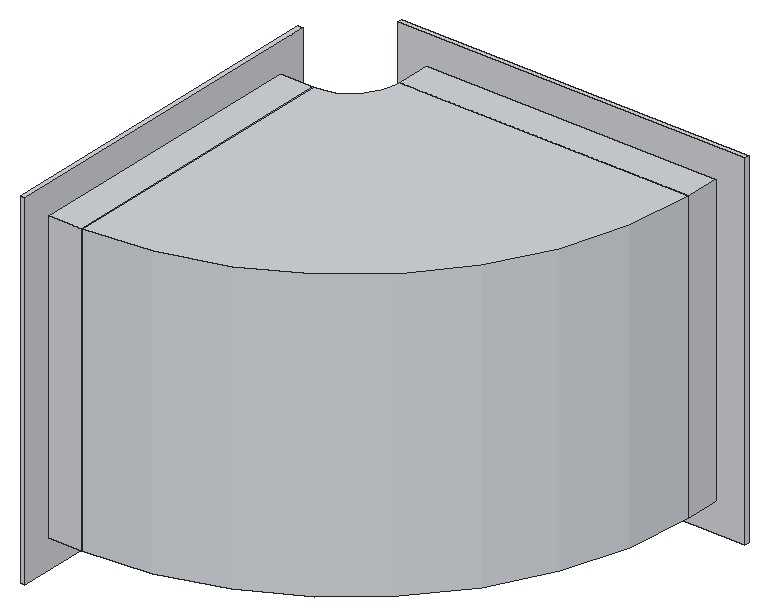
Revit family "RE Bogen BS - Flansch", category Luftkanalformteile, Revit 2014
Parameters (values of type "Allgemein")
  r1 [instance] = if(r = 0 mm, 1 mm, r)  # 50 mm
  f2 [instance] = 35 mm  # constant formula
  f1 [instance] = if(f = 0 mm, f2, f)  # 35 mm
  f [instance] = 0 mm
  e2 [instance] = 35 mm  # constant formula
  e1 [instance] = if(e = 0 mm, e2, e)  # 35 mm
  e [instance] = 0 mm
  alpha [instance] = 90.00°
  Max. ab [instance] = if(a > b, a, b)  # 300 mm
  Länge 1 [instance] = Bogenradius * tan(alpha / 2)  # 200 mm
  a [instance] = 300 mm
  b [instance] = 300 mm
  r [instance] = 50 mm
  Flansch b [instance] = b + 2 * Flanschverlängerung  # 360 mm
  Flansch a [instance] = a + 2 * Flanschverlängerung  # 360 mm
  Flanschstärke [instance] = 5 mm
  Flanschverlängerung [instance] = 30 mm
  Bogenradius [instance] = r1 + b / 2  # 200 mm
Reference planes
  plane 1 "Mitte (vorne/hinten)": y = 0
  plane 2: z = 0
  plane 3 "Mitte (links/rechts)": x = 0
  plane 4: x = -200
  plane 5: y = 200
  plane 6: x = -235
  plane 7: x = -240
  plane 8: y = 180
  plane 9: y = -180
Forms (mm)
  Sweep 1, solid, detail levels medium+fine
    path in 3D
      loop
        arc (-200, 0, 0) -> (-58.579, 58.579, 0) -> (0, 200, 0) r 200
    profile "Luftkanal - rechteckig : Luftkanal - rechteckig" origin (-58.579, 58.579, 0) x (-0.707107, 0.707107, 0) y (0, 0, 1)
      loop
        line (-150, 150) -> (-150, -150) -> (150, -150) -> (150, 150) -> (-150, 150)
  Sweep 2, solid, detail levels medium+fine
    path in 3D
      loop
        line (0, 200, 0) -> (0, 235, 0)
    profile "Luftkanal - rechteckig : Luftkanal - rechteckig" origin (0, 217.5, 0) x (-1, 0, 0) y (0, 0, 1)
      loop
        line (-150, 150) -> (-150, -150) -> (150, -150) -> (150, 150) -> (-150, 150)
  Sweep 3, solid, detail levels medium+fine
    path in 3D
      loop
        line (-235, 0, 0) -> (-200, 0, 0)
    profile "Luftkanal - rechteckig : Luftkanal - rechteckig" origin (-217.5, 0, 0) x (0, 1, 0) y (0, 0, 1)
      loop
        line (-150, 150) -> (-150, -150) -> (150, -150) -> (150, 150) -> (-150, 150)
  Sweep 4, solid, detail levels fine
    path in 3D
      loop
        line (0, 235, 0) -> (0, 240, 0)
    profile "Luftkanal - rechteckig : Luftkanal - Flansch" origin (0, 237.5, 0) x (-1, 0, 0) y (0, 0, 1)
      loop
        line (-180, 180) -> (-180, -180) -> (180, -180) -> (180, 180) -> (-180, 180)
  Sweep 5, solid, detail levels fine
    path in 3D
      loop
        line (-240, 0, 0) -> (-235, 0, 0)
    profile "Luftkanal - rechteckig : Luftkanal - Flansch" origin (-237.5, 0, 0) x (0, 1, 0) y (0, 0, 1)
      loop
        line (-180, 180) -> (-180, -180) -> (180, -180) -> (180, 180) -> (-180, 180)
  Sweep 6, solid, detail levels medium+fine
    path in 3D
      loop
        line (-240, 0, 0) -> (-235, 0, 0)
    profile "Luftkanal - rechteckig : Luftkanal - rechteckig" origin (-237.5, 0, 0) x (0, 1, 0) y (0, 0, 1)
      loop
        line (-150, 150) -> (-150, -150) -> (150, -150) -> (150, 150) -> (-150, 150)
  Sweep 7, solid, detail levels medium+fine
    path in 3D
      loop
        line (0, 235, 0) -> (0, 240, 0)
    profile "Luftkanal - rechteckig : Luftkanal - rechteckig" origin (0, 237.5, 0) x (-1, 0, 0) y (0, 0, 1)
      loop
        line (-150, 150) -> (-150, -150) -> (150, -150) -> (150, 150) -> (-150, 150)
Cuts and joins
  joined: Sweep 3, Sweep 6
  joined: Sweep 2, Sweep 7
Lines and regions (mm)
  reference lines
    curve 1: arc (-200, 0, 0) -> (-58.579, 58.579, 0) -> (0, 200, 0) r 200
    curve 2: line (0, 200, 0) -> (0, 235, 0)
    curve 3: line (-200, 200, 0) -> (440, 200, 0)
    curve 4: line (-99.96, 235, 0) -> (140.04, 235, 0)
    curve 5: line (-235, 0, 0) -> (-200, 0, 0)
    curve 12: line (0, 235, 0) -> (0, 240, 0)
    curve 13: line (-79.72, 240, 0) -> (140.04, 240, 0)
    curve 14: line (-180, 343.676, 0) -> (-180, 173.247, 0)
    curve 15: line (180, 303.676, 0) -> (180, 173.247, 0)
  sketch lines
    curve 6: arc (-200, 0, 0) -> (-58.579, 58.579, 0) -> (0, 200, 0) r 200
    curve 7: line (0, 200, 0) -> (0, 235, 0)
    curve 8: line (-235, 0, 0) -> (-200, 0, 0)
    curve 16: line (0, 235, 0) -> (0, 240, 0)
    curve 20: line (-240, 0, 0) -> (-235, 0, 0)
    curve 22: line (-240, 0, 0) -> (-235, 0, 0)
    curve 23: line (0, 235, 0) -> (0, 240, 0)
  model lines, detail levels coarse
    curve 9: line (0, 200, 0) -> (0, 235, 0)
    curve 10: arc (-200, 0, 0) -> (-58.579, 58.579, 0) -> (0, 200, 0) r 200
    curve 11: line (-235, 0, 0) -> (-200, 0, 0)
    curve 17: line (0, 235, 0) -> (0, 240, 0)
    curve 18: line (-180, 240, 0) -> (180, 240, 0)
    curve 19: line (-240, 0, 0) -> (-235, 0, 0)
    curve 21: line (-240, 180, 0) -> (-240, -180, 0)
Dimensions and locks
  "Länge 1": plane 4 to plane 3 "Mitte (links/rechts)"
  "Bogenradius": plane 5 to plane 1 "Mitte (vorne/hinten)"
  "f1": plane 6 to plane 4
  "e1": curve 2 to curve 2
  "e1": curve 3 to curve 4
  "Flanschstärke": curve 12 to curve 12
  "Flanschstärke": curve 4 to curve 13
  equal spacing: curve 14, curve 2, curve 15
  "Flansch b": curve 14 to curve 15
  "Flanschstärke": plane 7 to plane 6
  equal spacing: plane 8, plane 1 "Mitte (vorne/hinten)", plane 9
  "Flansch b": plane 8 to plane 9
  "Bogenradius": radius of curve 1
  "alpha": angle curve 1 to curve 1
  "alpha": angle plane 1 "Mitte (vorne/hinten)" to curve 2
  "alpha": angle plane 4 to curve 3
  "alpha": angle plane 3 "Mitte (links/rechts)" to curve 4
  "alpha": angle curve 10 to curve 10
  "alpha": angle plane 1 "Mitte (vorne/hinten)" to curve 12
  "alpha": angle plane 3 "Mitte (links/rechts)" to curve 13
  locked: curve 13 to curve 14 (angle 90.00°)
  aligned and locked: plane 5 to curve 1
  aligned and locked: plane 4 to curve 1
  aligned and locked: plane 5 to curve 3
  aligned and locked: plane 4 to curve 3
  aligned and locked: plane 6 to curve 5
  aligned and locked: plane 4 to curve 5
  aligned and locked: plane 1 "Mitte (vorne/hinten)" to curve 5
  aligned and locked: curve 9 to curve 2
  aligned and locked: curve 3 to curve 9
  aligned and locked: curve 10 to curve 1
  aligned and locked: plane 4 to curve 10
  aligned and locked: plane 4 to curve 11
  aligned and locked: plane 1 "Mitte (vorne/hinten)" to curve 11
  aligned and locked: curve 17 to curve 12
  aligned and locked: curve 4 to curve 17
  aligned and locked: curve 13 to curve 17
  aligned and locked: curve 18 to curve 13
  aligned and locked: curve 14 to curve 18
  aligned and locked: curve 15 to curve 18
  aligned and locked: plane 7 to curve 19
  aligned and locked: plane 6 to curve 19
  aligned and locked: plane 1 "Mitte (vorne/hinten)" to curve 19
  aligned and locked: curve 21 to plane 8
  aligned and locked: plane 9 to curve 21
  aligned and locked: curve 21 to plane 7
Automatic sketch dimensions
  curve 4 to curve 2 = 140.04 mm
  curve 12 to curve 2 = 0 mm
  curve 15 to curve 2 = 26.753 mm
  curve 14 to curve 2 = 26.753 mm
  curve 2 to curve 15 = 68.676 mm
  curve 13 to curve 2 = 140.04 mm
Connectors
  hvac at (-240, 0, 0), driven by "a", driven by "b", driven by "alpha"
    settings: on Sweep 5, index 1, duct flow 0.0 L/s, flow factor 0, pres drop 0.0 Pa, loss coef 0, conn angle 90.00°, conn width 300 mm, conn height 300 mm, conn diameter 0 mm, duct sys type 28, conn prof type 1, flow config 0, flow direction 0, loss method 0, conn ref index 2, conn util no, is conn primary yes, conn desc ""
  hvac at (0, 240, 0), driven by "a", driven by "b", driven by "alpha"
    settings: on Sweep 4, index 2, duct flow 0.0 L/s, flow factor 0, pres drop 0.0 Pa, loss coef 0, conn angle 90.00°, conn width 300 mm, conn height 300 mm, conn diameter 609.6 mm, duct sys type 28, conn prof type 1, flow config 0, flow direction 0, loss method 0, conn ref index 1, conn util no, is conn primary no, conn desc ""
